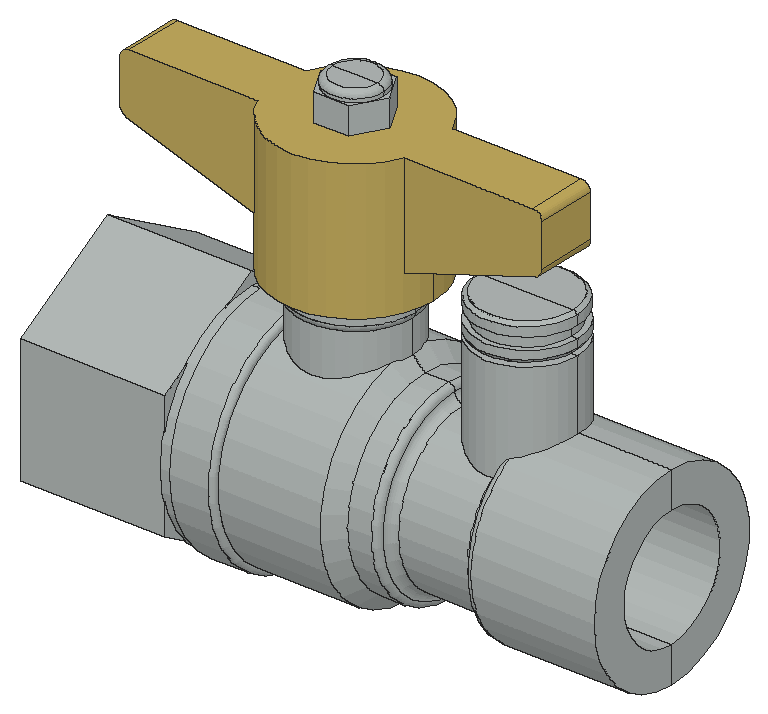
Revit family "QP01510000", category Apparecchi idraulici, Revit 2020
Family settings
  Quota connettore circolare = Usa diametro
  Tipo di parte = Normale
  Numero OmniClass = 23.45.00.00
  Titolo OmniClass = Sanitary, Laundry, and Cleaning Equipment
  Basato su piano di lavoro = No
  Sempre verticale = Sì
  Taglio con vuoti quando caricato = No
  Condiviso = No
  Punto di calcolo locali = No
Parameters
  URL = "https://web.cimberio.com/index.php/figura/919?subcategoria_id=95351"
  Temperatura di esercizio = "-20 ÷ 60°C"
  Prospetto di default = 0 mm
  Produttore = "CIMBERIO SPA"
  Pressione nominale = "MOP 5"
  Modello = "Cim 120G"
  Materiale = "Prodotto in lega di ottone conforme alla norma EN 12165-CW617N-DW"
  Descrizione = "Utilizzato nell’impiantistica distributiva di gas a bassa pressione per le categorie:\r\nGas naturali: gas derivati dal petrolio (Metano) e gas di ricambio.\r\nGas di città: prodotti secondo i diversi procedimenti (Cracking - Cokerie - ecc.).\r\nGas liquidi: propano e miscele di gas propano/butano"
  DN Model [instance] = QP01512129 : QP01512129
  DN [instance] = 20 mm
  Commenti sul tipo = "Realizzato in ottemperanza ai requisiti gestionali della norma EN ISO 9001.\r\nCollaudato al 100% secondo la normativa EN 12266-1"
Reference planes
  plane 1 "Centro (Fronte/Retro)": y = 0
  plane 2: z = 0
  plane 3 "Centro (Sinistra/Destra)": x = 0
Dimensions and locks
  aligned and locked: level to plane 2
Nested families
  nested 1: "QP01512129" at (0, 0, 0), type <- "DN Model", type "QP01512129"
  nested 2: "QP01512129" at (0, 0, 0), type <- "DN Model", type "QP01512129"
Connectors
  piping at (52.499, 0, 0), diameter 20, driven by "DN"
    settings: on nested 1, index 1, connector inside diameter 609.6 mm, connector length 0 mm, flow factor 0, pipe flow 0.0 L/s, pressure drop 0.0 Pa, fitting loss kfactor 0, connector angle 0.00°, fixture units 0, engagement length 0 mm, angle of deflection 0.00°, flow configuration 0, flow direction 0, fitting loss method 0, system type 7, joint type 0, gender type 0, connector reference index -1, connector utility 0, adjustable connector no, is connector primary yes, connector description ""
  piping at (-41, 0, 0), diameter 20, driven by "DN"
    settings: on nested 1, index 2, connector inside diameter 609.6 mm, connector length 0 mm, flow factor 0, pipe flow 0.0 L/s, pressure drop 0.0 Pa, fitting loss kfactor 0, connector angle 0.00°, fixture units 0, engagement length 0 mm, angle of deflection 0.00°, flow configuration 0, flow direction 0, fitting loss method 0, system type 7, joint type 0, gender type 0, connector reference index -1, connector utility 0, adjustable connector no, is connector primary no, connector description ""
Definition of nested family "QP01512129"
  Parameters (values of type "QP01512129")
    URL = ""
    Default Elevation = 0 mm
    Manufacturer = ""
    Model = ""
    Description = ""
    Type Comments = ""
  Reference planes
    plane 1 "Centro (Fronte/Retro)": y = 0
    plane 2: z = 0
    plane 3 "Centro (Sinistra/Destra)": x = 0
  Forms (mm)
    Revolve 1, solid
      sketch origin (0, 0, 0) x (1, 0, 0) y (0, 0, 1)
        loop
          line (-17.1, -10) -> (-17.1, -19) -> (-15.1, -19) -> (-15.1, -10) -> (-17.1, -10)
        axis (-17.1, 0) -> (-15.1, 0)
      angle from 0 to 360
    Revolve 2, solid
      sketch origin (0, 0, 0) x (1, 0, 0) y (0, 0, 1)
        loop
          line (-15.1, -10) -> (-15.1, -19.5) -> (-8.8, -19.5)
          arc (-8.8, -19.5) -> (-8.16, -19.192) -> (-8, -18.5) r 0.82
          line (-8, -18.5) -> (9, -18.5) -> (11.5, -16) -> (15.5, -16)
          arc (15.5, -16) -> (16.207, -15.707) -> (16.5, -15) r 1
          arc (16.5, -15) -> (16.939, -13.939) -> (18, -13.5) r 1.5
          line (18, -13.5) -> (29.5, -13.5)
          arc (29.5, -13.5) -> (30.561, -13.939) -> (31, -15) r 1.5
          arc (31, -15) -> (31.293, -15.707) -> (32, -16) r 1
          line (32, -16) -> (52.499, -16) -> (52.499, -10) -> (-15.1, -10)
        axis (-15.1, 0) -> (52.499, 0)
      angle from 0 to 360
    Extrusion 3, solid
      sketch origin (0, 0, 0) x (0, 1, 0) y (0, 0, 1)
        loop
          circle (0, 0) r 10
        loop
          line (0, 21) -> (-18.187, 10.5) -> (-18.187, -10.5) -> (0, -21) -> (18.187, -10.5) -> (18.187, 10.5) -> (0, 21)
      from -41 to -17.1
    Revolve 4, solid
      sketch origin (0, 0, 0) x (1, 0, 0) y (0, 0, 1)
        loop
          line (28.5, 27.5) -> (20, 27.5) -> (20, 8.978) -> (28.5, 8.978) -> (28.5, 27.5)
        axis (28.5, 27.5) -> (28.5, 8.978)
      angle from 0 to 360
    Revolve 5, solid
      sketch origin (0, 0, 0) x (1, 0, 0) y (0, 0, 1)
        loop
          line (28.5, 27.5) -> (28.5, 34) -> (20.793, 34) -> (20.079, 33.5) -> (20.079, 31.999) -> (21, 31.999) -> (21, 30.011) -> (20.006, 30.011) -> (20.006, 28.632) -> (20.5, 28) -> (22.2, 28)
          arc (22.2, 28) -> (21.728, 27.865) -> (21.4, 27.5) r 0.89
          line (21.4, 27.5) -> (28.5, 27.5)
        axis (28.5, 34) -> (28.5, 27.5)
      angle from 0 to 360
    Revolve 6, solid
      sketch origin (0, 0, 0) x (1, 0, 0) y (0, 0, 1)
        loop
          line (10, 24.4) -> (10, 33.3) -> (0.12, 33.3) -> (0.12, 15.691) -> (9.5, 15.691) -> (9.5, 23.425)
          arc (9.5, 23.425) -> (9.868, 23.852) -> (10, 24.4) r 1.2
        axis (0.12, 33.3) -> (0.12, 15.691)
      angle from 0 to 360
    Revolve 7, solid
      sketch origin (0, 0, 0) x (1, 0, 0) y (0, 0, 1)
        loop
          line (13.134, 27.3) -> (13.134, 50.3) -> (0, 50.3) -> (0, 27.3) -> (13.134, 27.3)
        axis (0, 50.3) -> (0, 27.3)
      angle from 0 to 360
    Extrusion 8, solid
      sketch origin (0, 0, 0) x (1, 0, 0) y (0, 0, 1)
        loop
          arc (-33.502, 50.3) -> (-34.561, 49.86) -> (-35, 48.8) r 1.5
          line (-35, 48.8) -> (-35, 41.727)
          arc (-35, 41.727) -> (-34.714, 40.846) -> (-33.965, 40.301) r 1.5
          line (-33.965, 40.301) -> (-10.874, 32.798) -> (-10.874, 50.3) -> (-33.502, 50.3)
        loop
          line (33.502, 50.3) -> (10.874, 50.3) -> (10.874, 32.798) -> (33.965, 40.301)
          arc (33.965, 40.301) -> (34.714, 40.846) -> (35, 41.727) r 1.5
          line (35, 41.727) -> (35, 48.8)
          arc (35, 48.8) -> (34.561, 49.86) -> (33.502, 50.3) r 1.5
      from -5 to 5
    Extrusion 9, solid
      sketch origin (0, 0, 0) x (1, 0, 0) y (0, 1, 0)
        loop
          line (5.777, 0) -> (2.889, 5.003) -> (-2.889, 5.003) -> (-5.777, 0) -> (-2.889, -5.003) -> (2.889, -5.003) -> (5.777, 0)
      from 50.3 to 54.8
    Revolve 10, solid
      sketch origin (0, 0, 0) x (1, 0, 0) y (0, 0, 1)
        loop
          line (0, 56.3) -> (0, 54.277) -> (4.744, 54.277) -> (4.744, 55.3)
          arc (4.744, 55.3) -> (4.451, 56.007) -> (3.744, 56.3) r 1
          line (3.744, 56.3) -> (0, 56.3)
        axis (0, 56.3) -> (0, 54.277)
      angle from 0 to 360
  Cuts and joins
    joined: Revolve 7, Extrusion 8
  Dimensions and locks
    aligned and locked: level to plane 2
